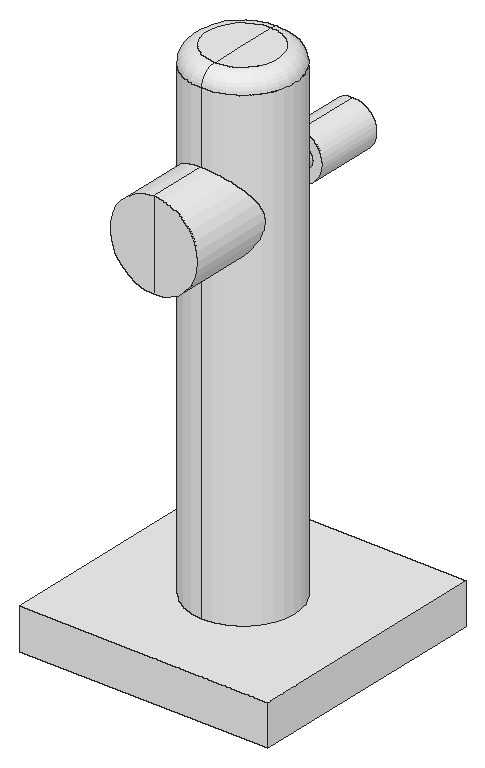
Revit family "Tub_Spout-American_Standard-Times_Square-8888.097.002", category Plumbing Fixtures, host Face, Revit 2018
Family settings
  Host = Face
  Round Connector Dimension = Use Radius
  Part Type = Normal
  OmniClass Number = 23.45.05.14.17
  OmniClass Title = Showers
  Cut with Voids When Loaded = No
  Shared = Yes
  Room Calculation Point = No
Parameters (values of type "8888.097.002")
  Width = 3"
  Waste Connection = no
  Warranty Information = "Limited Lifetime Function and Finish Warranty."
  WFU = 0  # constant formula
  Vent Connection = no
  URL = "http://www.americanstandard-us.com/"
  Type Comments = ""
  Tempered Water Connection Radius = 1/4"
  Tempered Water Connection Diameter = 1/2"
  Product Page URL = "https://www.americanstandard-us.com/bathroom/tub-fillers/time-square-slip-on-diverter-tub-spout-23711?variant=polished-chrome"
  Product Documentation Link = "https://www.americanstandard-us.com/-/media/sites/asus/files/product-specs/bulk/specsheet8888097.pdf?la=en"
  Price = "Prices may vary. Please consult Manufacturer Representative for most up-to-date price list."  # constant formula
  Model = "8888.097.002"
  Manufacturer = "American Standard"  # constant formula
  Length = 4 7/8"
  Installation Type = "Wall Mounted"  # constant formula
  HWFU = 3  # constant formula
  HW Connection = yes
  Description = "Times Square™ Slip-On Diverter Tub Spout"  # constant formula
  Default Elevation = 0"
  Creation Date = "04/28/2021"  # constant formula
  CWFU = 3  # constant formula
  CW Connection = yes
  Body Material = Brass-American_Standard-002-Polished_Chrome
  Assembly Code = "D2020300"
  ADA Compliant = yes
Reference planes (in)
  plane 1 "Center (Front/Back)": y = -43
  plane 2: z = 0
  plane 3 "Center (Left/Right)": x = 0
  plane 4: x = 4
  plane 5: x = -4
  plane 6: z = -1.04254
  plane 7: z = 4.875
  plane 8: z = 0.5
Forms (in)
  Revolve 1, solid, material "Brass-American_Standard-002-Polished_Chrome" <- "Body Material"
    sketch origin (0, -53.494, -2.54254) x (0, 0, -1) y (0, 1, 0)
      loop
        line (-9.00134, 10.494) -> (-2.54254, 10.494) -> (-2.54254, 11.119) -> (-8.80644, 11.119)
        arc (-8.80644, 11.119) -> (-8.94425, 11.06191) -> (-9.00134, 10.9241) r 0.1949
        line (-9.00134, 10.9241) -> (-9.00134, 10.494)
      axis (-9.00134, 10.494) -> (-2.54254, 10.494)
    angle from 0 to 360
  Revolve 2, solid, material "Brass-American_Standard-002-Polished_Chrome" <- "Body Material"
    sketch origin (0, -53.494, -2.54254) x (0, 0, -1) y (0, 1, 0)
      loop
        line (-7.41754, 12.16705) -> (-7.41754, 9.1479) -> (-6.88629, 9.1479) -> (-6.88629, 10.16557) -> (-7.26129, 10.16557) -> (-7.26129, 11.3541) -> (-7.13629, 11.3541) -> (-7.13629, 12.16705) -> (-7.41754, 12.16705)
      axis (-7.41754, 12.16705) -> (-7.41754, 9.1479)
    angle from 0 to 360
  Extrusion 3, solid, material "Brass-American_Standard-002-Polished_Chrome" <- "Body Material"
    sketch origin (0, -21, 0) x (1, 0, 0) y (0, 1, 0)
      loop
        circle (0, -22) r 0.25
    from 0 to 0.09092
  Extrusion 4, solid, material "Brass-American_Standard-002-Polished_Chrome" <- "Body Material"
    sketch origin (0, 0, 0) x (1, 0, 0) y (0, 1, 0)
      loop
        line (-1.5, -41.5) -> (-1.5, -44.5) -> (1.5, -44.5) -> (1.5, -41.5) -> (-1.5, -41.5)
    from 0 to 0.5
Lines and regions (in)
  Masking region 1
    outline origin (0, -43, 0) x (1, 0, 0) y (0, 0, 1)
      loop
        line (1.5, 0) -> (1.5, 0.5) -> (0.62574, 0.5) -> (0.62574, 6.26764)
        arc (0.62574, 6.26764) -> (0.57023, 6.40166) -> (0.4362, 6.45718) r 0.18954
        line (0.4362, 6.45718) -> (-0.43285, 6.45718)
        arc (-0.43285, 6.45718) -> (-0.5682, 6.40112) -> (-0.62426, 6.26577) r 0.19141
        line (-0.62426, 6.26577) -> (-0.62426, 0.5) -> (-1.5, 0.5) -> (-1.5, 0) -> (1.5, 0)
  symbolic lines, detail levels fine
    curve 1: circle (0, -43, 4.875) r 0.28125 normal (0, 1, 0)
    curve 2: line (1.5, -43, 0.5) -> (-1.5, -43, 0.5)
Dimensions and locks (in)
  plane 7 to host face = 4 7/8"
  plane 8 to host face = 1/2"
  "Length": plane 7 to host face
  equal spacing: Extrusion 4 sketch curve, plane 3 "Center (Left/Right)", Extrusion 4 sketch curve
  equal spacing: Extrusion 4 sketch curve, plane 1 "Center (Front/Back)", Extrusion 4 sketch curve
  "Width": Extrusion 4 sketch curve to Extrusion 4 sketch curve  (x2)
  aligned and locked: plane 2 to host face
  aligned and locked: level to host face
  aligned and locked: plane 7 to Revolve 2 sketch curve
  aligned and locked: curve 1 to Revolve 2
  aligned and locked: curve 2 to Extrusion 4
Automatic sketch dimensions
  host sketch curve to host sketch curve = 96"
  host sketch curve to host sketch curve = 114.317"
  Revolve 1 sketch curve to plane 1 "Center (Front/Back)" = 0"  (x2)
  Revolve 1 sketch curve to level = 0"
  Revolve 1 sketch curve to plane 1 "Center (Front/Back)" = 0.4301"
  plane 7 to Revolve 1 sketch curve = 1.3889"
  Revolve 1 sketch curve to Revolve 1 sketch curve = 0.1949"
  plane 8 to Revolve 1 sketch curve = 1.9588"
  Revolve 1 sketch curve to plane 7 = 0.4162"
  Revolve 2 sketch curve to plane 7 = 0"
  Revolve 2 sketch curve to plane 7 = 5/32"
  Revolve 2 sketch curve to Revolve 2 sketch curve = 1/8"
  Revolve 2 sketch curve to Revolve 2 sketch curve = 3/8"
  plane 1 "Center (Front/Back)" to Revolve 2 sketch curve = 1.3461"
  plane 1 "Center (Front/Back)" to Revolve 2 sketch curve = 0.32843"
  Revolve 2 sketch curve to plane 1 "Center (Front/Back)" = 0.86011"
  Revolve 2 sketch curve to Revolve 2 sketch curve = 0.81295"
  Revolve 2 sketch curve to plane 1 "Center (Front/Back)" = 0.43271"
  Revolve 2 sketch curve to Revolve 2 sketch curve = 0.1774"
  plane 1 "Center (Front/Back)" to Extrusion 3 sketch curve = 0"
  Extrusion 3 sketch curve to plane 3 "Center (Left/Right)" = 0"
  Masking region 1 sketch curve to level = 0"
  Masking region 1 sketch curve to plane 8 = 0"  (x2)
  Masking region 1 sketch curve to plane 3 "Center (Left/Right)" = 1 1/2"
  Masking region 1 sketch curve to plane 3 "Center (Left/Right)" = 0.62426"
  Masking region 1 sketch curve to Masking region 1 sketch curve = 49/256"
  plane 3 "Center (Left/Right)" to Masking region 1 sketch curve = 0.4362"
  Masking region 1 sketch curve to Masking region 1 sketch curve = 0.18954"
  Masking region 1 sketch curve to Masking region 1 sketch curve = 0.87426"
  plane 7 to Masking region 1 sketch curve = 1.39077"
  curve 2 to plane 3 "Center (Left/Right)" = 1 1/2"
  plane 3 "Center (Left/Right)" to curve 2 = 1 1/2"
  radius of Extrusion 3 sketch curve = 1/4"
Connectors (in)
  piping at (0, -43, 0), diameter 0.5, driven by "Tempered Water Connection Radius"
    settings: on Extrusion 3, index 11, connector inside diameter 24", connector length 0", flow factor 0, pipe flow 0 GPM, pressure drop 0.00 psi, fitting loss kfactor 0, connector angle 0.00°, fixture units 0, engagement length 0", angle of deflection 0.00°, flow configuration 0, flow direction 1, fitting loss method 0, system type 29, joint type 0, gender type 0, connector reference index -1, connector utility 0, adjustable connector no, is connector primary yes, connector description "1/2\" Inlet Connection"
